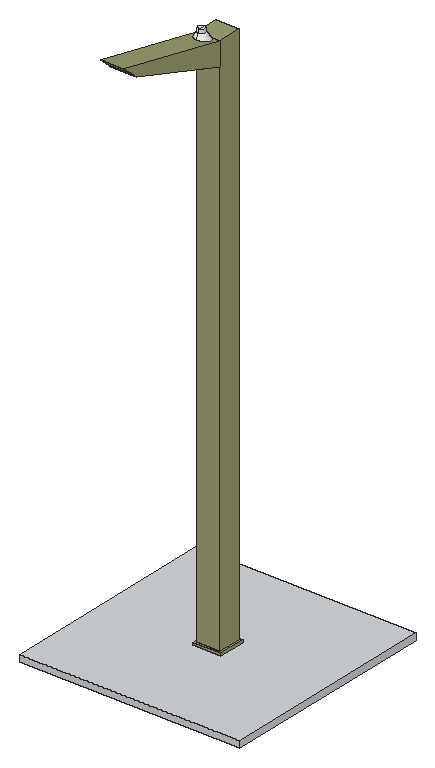
Revit family "KM5-Pole Mount", category Lighting Fixtures, host Face, Revit 2013
Parameters (values of type "KM51")
  Watts = 50 W
  Voltage = 120 V
  URL = "http://www.aal.net/"
  Product Page URL = "http://www.aal.net/products/kick_mini_medium"
  Product Documentation Link = "http://cdn.aal.net/content/products/specs/specs_files/aal_km5_spec.pdf"
  Power Factor = 1
  Photometrics Web = Web KM5 : KM5-T2-5040
  Model Type = "Single fixture"
  Model = "KicK™ Mini Medium"  # constant formula
  Manufacturer Phone = "626-968-5666"  # constant formula
  Manufacturer Fax = "626-369-2695"  # constant formula
  Manufacturer = "Architectural Area Lighting"  # constant formula
  Load Classification = Lighting
  Lamp-4 = no
  Lamp-3 = no
  Lamp-2 = no
  Lamp-1 = yes
  Lamp = "LED"
  Height [instance] = 120.000"
  Glass = Hubbell-Glass
  Finish = Hubbell-Titanium
  Description = "KM5 brings the performance and features of the full size KicK luminaires into a smaller form factor for architectural pole or building mount applications"  # constant formula
  Default Elevation = 48.000"
  Assembly Code = "D5020280"
  Apparent Load = Watts / Power Factor  # 50 VA
Types (4): name | Photometrics Web | Model Type | Lamp-4 | Lamp-3 | Lamp-2 | Lamp-1
  KM51 | Web KM5 : KM5-T2-5040 | "Single fixture" | no | no | no | yes
  KM52 | Web KM5 : KM5-T4-MO-7050 | "Two fixtures 180º apart" | yes | no | yes | no
  KM53 | Web KM5 : KM5-T4-MO-7050 | "Three fixtures 90º apart" | yes | no | yes | yes
  KM54 | Web KM5 : KM5-T4-MO-7050 | "Four fixtures 90º apart" | yes | yes | yes | yes
Reference planes (in)
  plane 1 "Center (Front/Back)": y = 0
  plane 2: z = 0
  plane 3 "Center (Left/Right)": x = 0
  plane 4: z = 0.5
  plane 5: y = 3
  plane 6: y = -3
  plane 7: x = -3
  plane 8: x = 3
  plane 9: x = 2.5
  plane 10: x = -2.5
  plane 11: y = 2.5
  plane 12: y = -2.5
  plane 13: z = 120
Forms (in)
  Extrusion 1, solid
    sketch origin (0, 0, 0) x (1, 0, 0) y (0, 1, 0)
      loop
        line (-24, 24) -> (-24, -24) -> (24, -24) -> (24, 24) -> (-24, 24)
    from 0 to -1.5
  Extrusion 2, solid, material "Hubbell-Titanium" <- "Finish"
    sketch origin (0, 0, 0) x (1, 0, 0) y (0, 1, 0)
      loop
        line (-3, 3) -> (-3, -3) -> (3, -3) -> (3, 3) -> (-3, 3)
    from 0 to 0.5
  Extrusion 3, solid, material "Hubbell-Titanium" <- "Finish"
    sketch origin (0, 0, 0) x (1, 0, 0) y (0, 1, 0)
      loop
        line (-2.5, 2.5) -> (-2.5, -2.5) -> (2.5, -2.5) -> (2.5, 2.5) -> (-2.5, 2.5)
    from 0 to 120
Cuts and joins
  joined: Extrusion 2, Extrusion 3
Dimensions and locks (in)
  locked: Extrusion 1 sketch curve to Extrusion 1 sketch curve at 48  (x2)
  equal spacing: Extrusion 1 sketch curve, plane 3 "Center (Left/Right)", Extrusion 1 sketch curve
  equal spacing: Extrusion 1 sketch curve, plane 1 "Center (Front/Back)", Extrusion 1 sketch curve
  plane 3 "Center (Left/Right)" to Extrusion 1 sketch curve = 24.000"
  plane 1 "Center (Front/Back)" to Extrusion 1 sketch curve = 24.000"
  locked: plane 4 to plane 2 at 0.5
  equal spacing: plane 7, plane 3 "Center (Left/Right)", plane 8
  plane 7 to plane 8 = 6.000"
  equal spacing: plane 5, plane 1 "Center (Front/Back)", plane 6
  plane 5 to plane 6 = 6.000"
  plane 5 to plane 11 = 0.500"
  equal spacing: plane 11, plane 1 "Center (Front/Back)", plane 12
  plane 11 to plane 12 = 5.000"
  equal spacing: plane 10, plane 3 "Center (Left/Right)", plane 9
  plane 7 to plane 10 = 0.500"
  "Height": plane 13 to plane 2
  plane 10 to plane 3 "Center (Left/Right)" = 2.500"
  aligned and locked: plane 2 to Extrusion 1
  aligned and locked: level to Extrusion 1
  aligned and locked: Extrusion 2 sketch curve to plane 5
  aligned and locked: plane 7 to Extrusion 2 sketch curve
  aligned and locked: plane 6 to Extrusion 2 sketch curve
  aligned and locked: Extrusion 2 sketch curve to plane 8
  aligned and locked: plane 4 to Extrusion 2
  aligned and locked: Extrusion 3 sketch curve to plane 11
  aligned and locked: plane 10 to Extrusion 3 sketch curve
  aligned and locked: plane 12 to Extrusion 3 sketch curve
  aligned and locked: Extrusion 3 sketch curve to plane 9
  aligned and locked: plane 13 to Extrusion 3
  aligned and locked: nested 3 to plane 1 "Center (Front/Back)"
  aligned and locked: plane 1 "Center (Front/Back)" to nested 2
  aligned and locked: plane 3 "Center (Left/Right)" to nested 1
  aligned and locked: nested 4 to plane 3 "Center (Left/Right)"
  aligned and locked: plane 13 to nested 3
  aligned and locked: plane 13 to nested 2
  aligned and locked: plane 13 to nested 1
  aligned and locked: plane 13 to nested 4
  aligned and locked: nested 3 to nested 8
  aligned and locked: nested 4 to nested 5
  aligned and locked: nested 2 to nested 6
  aligned and locked: nested 1 to nested 7
Nested families (in)
  nested 1: "Side Mounted" at (0, 2.5, 120) x (1, 0, 0) z (0, 1, 0), Glass <- "Glass", Finish <- "Finish", visible <- "Lamp-3", type "Side Mounted"
    with Glass Hubbell-Glass, Finish Hubbell-Titanium
  nested 2: "Side Mounted" at (2.5, 0, 120) x (0, -1, 0) z (1, 0, 0), Finish <- "Finish", Glass <- "Glass", visible <- "Lamp-2", type "Side Mounted"
    with Glass Hubbell-Glass, Finish Hubbell-Titanium
  nested 3: "Side Mounted" at (-2.5, 0, 120) x (0, 1, 0) z (-1, 0, 0), Finish <- "Finish", Glass <- "Glass", visible <- "Lamp-4", type "Side Mounted"
    with Glass Hubbell-Glass, Finish Hubbell-Titanium
  nested 4: "Side Mounted" at (0, -2.5, 120) x (-1, 0, 0) z (0, -1, 0), Finish <- "Finish", Glass <- "Glass", visible <- "Lamp-1", type "Side Mounted"
    with Glass Hubbell-Glass, Finish Hubbell-Titanium
  nested 5: "Web KM5" at (-0.03999, -15.48108, 119.61783) x (0, 0.9412, -0.3379) z (0, -0.3379, -0.9412), visible <- "Lamp-1", type <- "Photometrics Web", type "KM5-T2-5040"
  nested 6: "Web KM5" at (15.5676, -0.03999, 119.6489) x (-0.9412, 0, -0.3379) z (0.3379, 0, -0.9412), visible <- "Lamp-2", type <- "Photometrics Web", type "KM5-T2-5040"
  nested 7: "Web KM5" at (0.03999, 15.32018, 119.56006) x (0, -0.9412, -0.3379) z (0, 0.3379, -0.9412), visible <- "Lamp-3", type <- "Photometrics Web", type "KM5-T2-5040"
  nested 8: "Web KM5" at (-15.50804, 0.03999, 119.62752) x (0.9412, 0, -0.3379) z (-0.3379, 0, -0.9412), visible <- "Lamp-4", type <- "Photometrics Web", type "KM5-T2-5040"
Connectors (in)
  electrical at (0, 0, 0), driven by "Load Classification", driven by "Voltage", driven by "Apparent Load", driven by "Power Factor"
    settings: on cut or joined group of Extrusion 2, Extrusion 3, index 1, voltage 120 V, apparent load 50 VA, apparent load phase1 0 VA, apparent load phase2 0 VA, apparent load phase3 0 VA, power factor 1, load classification "Lighting", number of poles 1, system type 30, power factor state 1, is connector primary yes, connector utility no, sub classification motor no, connector description "Lighting Connector"
Definition of nested family "Side Mounted"
  Parameters (values of type "Side Mounted")
    URL = ""
    Sensor = Hubbell-White
    Product Page URL = ""
    Product Documentation Link = ""
    Model = ""
    Manufacturer Phone = ""
    Manufacturer Fax = ""
    Manufacturer = ""
    Glass [instance] = Hubbell-Glass
    Finish [instance] = none
    Description = ""
    Default Elevation = 48.000"
    Apparent Load = 0 VA
  Reference planes (in)
    plane 1 "Center (Front/Back)": y = 0
    plane 2: z = 0
    plane 3 "Center (Left/Right)": x = 0
    plane 4: x = -2.5
    plane 5: x = 2.5
    plane 6: x = -2.25
    plane 7: x = 2.25
    plane 8: y = 5.2
    plane 9: z = 26.3
    plane 10: y = -6.1
  Forms (in)
    Extrusion 1, solid
      sketch origin (0, 0, 0) x (1, 0, 0) y (0, 1, 0)
        loop
          line (-24, 24) -> (-24, -24) -> (24, -24) -> (24, 24) -> (-24, 24)
      from 0 to -1.5
    Extrusion 2, solid, material <- "Finish"
      sketch origin (0, 0, 0) x (0, 1, 0) y (0, 0, 1)
        loop
          line (0, 0) -> (5.21148, 0) -> (-2.92381, 22.6562)
          arc (-2.92381, 22.6562) -> (-3.30316, 23.35924) -> (-3.82625, 23.96302) r 3.65346
          line (-3.82625, 23.96302) -> (-6.1, 26.3) -> (0, 0)
      from -2.5 to 2.5
    Extrusion 3, void
      sketch origin (0, 0, 0) x (0, 1, 0) y (0, 0, 1)
        loop
          line (4.90851, 0.84375) -> (3.8328, 3.83952) -> (2.28992, 3.83952) -> (3.36562, 0.84375) -> (4.90851, 0.84375)
        loop
          line (-4.33879, 22.3) -> (2.18507, 4.1315) -> (3.72796, 4.1315) -> (-2.7959, 22.3) -> (-4.33879, 22.3)
      from -2.25 to 2.25
    Extrusion 4, solid, material "Hubbell-Glass" <- "Glass"
      sketch origin (0, 0, 0) x (0, 1, 0) y (0, 0, 1)
        loop
          line (-2.96403, 22.3) -> (-3.5597, 22.3) -> (2.69622, 4.1315) -> (3.55983, 4.1315) -> (-2.96403, 22.3)
      from -2.25 to 2.25
    Revolve 5, solid, material "Hubbell-White" <- "Sensor"
      sketch origin (0, 0, 0) x (0, 1, 0) y (0, 0, 1)
        loop
          line (-2.5, 1.1749) -> (-1.80768, 1.1749) -> (0, 0) -> (0, 1.9249) -> (-2.5, 1.9249) -> (-2.5, 1.1749)
        axis (-2.5, 1.9249) -> (0, 1.9249)
      angle from 0 to 360
    Revolve 6, solid, material "Hubbell-White" <- "Sensor"
      sketch origin (0, 0, 0.28125) x (0, 1, 0) y (0, 0, 1)
        loop
          line (3.28062, 2.1749) -> (3.28062, 2.85862) -> (2.31338, 3.21351) -> (2.31338, 2.1749) -> (3.28062, 2.1749)
        axis (2.31338, 2.1749) -> (3.28062, 2.1749)
      angle from 0 to 360
    Revolve 7, solid, material "Hubbell-Glass" <- "Glass"
      sketch origin (0, 0, 0.28125) x (0, 1, 0) y (0, 0, 1)
        loop
          line (3.28062, 2.8573) -> (3.28062, 2.1749) -> (3.51082, 2.1749)
          arc (3.51082, 2.1749) -> (3.43891, 2.53067) -> (3.28062, 2.8573) r 1.44518
        axis (3.28062, 2.1749) -> (3.51082, 2.1749)
      angle from 0 to 360
  Cuts and joins
    Extrusion 3 cuts Extrusion 2
  Dimensions and locks (in)
    locked: Extrusion 1 sketch curve to Extrusion 1 sketch curve at 48  (x2)
    equal spacing: Extrusion 1 sketch curve, plane 3 "Center (Left/Right)", Extrusion 1 sketch curve
    equal spacing: Extrusion 1 sketch curve, plane 1 "Center (Front/Back)", Extrusion 1 sketch curve
    plane 3 "Center (Left/Right)" to Extrusion 1 sketch curve = 24.000"
    plane 1 "Center (Front/Back)" to Extrusion 1 sketch curve = 24.000"
    equal spacing: plane 5, plane 3 "Center (Left/Right)", plane 4
    locked: plane 5 to plane 4 at 5
    equal spacing: plane 7, plane 3 "Center (Left/Right)", plane 6
    locked: plane 6 to plane 4 at 0.25
    plane 8 to plane 1 "Center (Front/Back)" = 5.200"
    plane 9 to plane 2 = 26.300"
    plane 1 "Center (Front/Back)" to plane 10 = 6.100"
    plane 5 to plane 7 = 0.250"
    aligned and locked: plane 2 to Extrusion 1
    aligned and locked: level to Extrusion 1
    aligned and locked: plane 1 "Center (Front/Back)" to Extrusion 2 sketch curve
    aligned and locked: plane 2 to Extrusion 2 sketch curve
    aligned and locked: Extrusion 2 to plane 4
    aligned and locked: Extrusion 2 to plane 5
    aligned and locked: Extrusion 4 to plane 6
    aligned and locked: plane 7 to Extrusion 4
    aligned and locked: Extrusion 3 to plane 6
    aligned and locked: plane 7 to Extrusion 3
  Automatic sketch dimensions
    Revolve 5 sketch curve to plane 1 "Center (Front/Back)" = 0.000"
    Revolve 5 sketch curve to level = 0.000"
    plane 1 "Center (Front/Back)" to Revolve 5 sketch curve = 1.80768"
    Revolve 5 sketch curve to Revolve 5 sketch curve = 0.69232"
    Revolve 5 sketch curve to Revolve 5 sketch curve = 0.000"  (x2)
    Revolve 5 sketch curve to Revolve 5 sketch curve = 1.750"
    level to Revolve 5 sketch curve = 1.1749"
    Revolve 5 sketch curve to Revolve 5 sketch curve = 1.9249"
    Revolve 6 sketch curve to plane 1 "Center (Front/Back)" = 2.31338"
    level to Revolve 6 sketch curve = 2.45615"  (x2)
    Revolve 6 sketch curve to Revolve 6 sketch curve = 0.96724"
    plane 1 "Center (Front/Back)" to Revolve 6 sketch curve = 2.500"
    Revolve 6 sketch curve to plane 8 = 1.400"
    Revolve 6 sketch curve to Revolve 6 sketch curve = 0.68373"
    Revolve 6 sketch curve to Revolve 6 sketch curve = 0.35489"
    plane 10 to Extrusion 2 sketch curve = 2.27375"
    Extrusion 2 sketch curve to plane 9 = 3.6438"
    Extrusion 2 sketch curve to plane 9 = 0.000"
    plane 10 to Extrusion 2 sketch curve = 0.000"
    Extrusion 2 sketch curve to Extrusion 2 sketch curve = 0.90245"
    Extrusion 2 sketch curve to plane 8 = 0.01148"
    Extrusion 2 sketch curve to plane 10 = 0.20946"
    Extrusion 2 sketch curve to Extrusion 2 sketch curve = 1.30682"
    plane 1 "Center (Front/Back)" to Extrusion 4 sketch curve = 2.96403"
    plane 8 to Extrusion 4 sketch curve = 1.64017"
    level to Extrusion 4 sketch curve = 4.1315"
    Extrusion 4 sketch curve to Extrusion 4 sketch curve = 0.59567"
    Extrusion 4 sketch curve to Extrusion 4 sketch curve = 0.86362"
    Extrusion 4 sketch curve to plane 9 = 4.000"
    plane 1 "Center (Front/Back)" to Extrusion 3 sketch curve = 2.7959"
    plane 8 to Extrusion 3 sketch curve = 0.29149"
    level to Extrusion 3 sketch curve = 0.84375"
    Extrusion 3 sketch curve to plane 1 "Center (Front/Back)" = 2.28992"
    Extrusion 3 sketch curve to Extrusion 3 sketch curve = 1.54289"
    plane 8 to Extrusion 3 sketch curve = 1.47204"
    Extrusion 3 sketch curve to Extrusion 3 sketch curve = 0.10484"  (x2)
    plane 10 to Extrusion 3 sketch curve = 1.76121"
    Extrusion 3 sketch curve to Extrusion 3 sketch curve = 2.99577"
    Extrusion 3 sketch curve to Extrusion 3 sketch curve = 0.29198"
    Extrusion 3 sketch curve to plane 9 = 4.000"
    plane 8 to Revolve 7 sketch curve = 1.91938"
    level to Revolve 7 sketch curve = 2.45615"  (x2)
    Revolve 7 sketch curve to Revolve 7 sketch curve = 0.43418"
    Revolve 7 sketch curve to Revolve 7 sketch curve = 0.23019"
    Revolve 7 sketch curve to plane 8 = 1.30372"
    Revolve 7 sketch curve to Revolve 7 sketch curve = 1.21108"
    Revolve 7 sketch curve to Revolve 7 sketch curve = 0.10615"
Definition of nested family "Web KM5"
  Parameters (values of type "KM5-T2-5050")
    Watts = 50 W
    Wattage Comments = ""
    Wattage = 50 W
    built-in parameter 1150110 = 1 (stored number, unit not read)
    URL = ""
    built-in parameter 1114217 = 1 (stored number, unit not read)
    Tilt Angle = -90.00°
    built-in parameter 1150109 = 1 (stored number, unit not read)
    built-in parameter 1150134 = 2
    built-in parameter 1150113 = 1 (stored number, unit not read)
    Product Page URL = ""
    Product Documentation Link = ""
    Photometric Web Notes = "More files Download Photometric Web Link"  # constant formula
    Photometric Web Link = "http://www.aal.net/products/kick_mini_medium"
    Photometric Web File = "KM5-T2-5050.IES"
    Model = ""
    Manufacturer Phone = ""
    Manufacturer Fax = ""
    Manufacturer = ""  # constant formula
    built-in parameter 1150105 = 445.63 (stored number, unit not read)
    Lumens = 5600 lm
    built-in parameter 1150115 = 1 (stored number, unit not read)
    built-in parameter 1150137 = (empty or 0)
    built-in parameter 1150139 = (empty or 0)
    built-in parameter 1150112 = 1 (stored number, unit not read)
    built-in parameter 1150114 = 1 (stored number, unit not read)
    Lamp = "LED"
    built-in parameter 1150132 = (empty or 0)
    built-in parameter 1150102 = (empty or 0)
    built-in parameter 1150107 = 5000 (stored number, unit not read)
    built-in parameter 1150138 = (empty or 0)
    built-in parameter 1150106 = 4.4563 (stored number, unit not read)
    Emit from Rectangle Width = 4.500"  # constant formula
    Emit from Rectangle Length = 19.000"  # constant formula
    Emit Shape Visible in Rendering = no
    built-in parameter 1150104 = 10.405 (stored number, unit not read)
    Dimming Lamp Color Temperature Shift = (empty or 0)
    Description = ""
    Default Elevation = 48.000"
    Color Filter = 16777215
    built-in parameter 1114218 = 1 (stored number, unit not read)
    built-in parameter 1150133 = 10 (stored number, unit not read)
    Apparent Load = 0 VA
  Types (6): name | Watts | Wattage | built-in parameter 1150134 | Photometric Web File | built-in parameter 1150105 | Lumens | built-in parameter 1150107 | built-in parameter 1150106 | built-in parameter 1150104
    KM5-T2-5050 | 50 W | 50 W | 2 | "KM5-T2-5050.IES" | 445.63 (stored number, unit not read) | 5600 lm | 5000 (stored number, unit not read) | 4.4563 (stored number, unit not read) | 10.405 (stored number, unit not read)
    KM5-T3-5040 | 50 W | 50 W | 12 | "KM5-T3-5040.ies" | 465.53 (stored number, unit not read) | 5850 lm | 4000 (stored number, unit not read) | 4.6553 (stored number, unit not read) | 10.87 (stored number, unit not read)
    KM5-T4-7040 | 70 W | 70 W | 12 | "KM5-T4-7040.ies" | 629.46 (stored number, unit not read) | 7910 lm | 4000 (stored number, unit not read) | 6.2946 (stored number, unit not read) | 10.498 (stored number, unit not read)
    KM5-T4-MO-7050 | 70 W | 70 W | 2 | "KM5-T4-MO-7050.IES" | 629.46 (stored number, unit not read) | 7910 lm | 5000 (stored number, unit not read) | 6.2946 (stored number, unit not read) | 10.498 (stored number, unit not read)
    KM5-T2-5040 | 50 W | 50 W | 12 | "KM5-T2-5040.ies" | 1605.5 (stored number, unit not read) | 5650 lm | 4000 (stored number, unit not read) | 16.055 (stored number, unit not read) | 10.498 (stored number, unit not read)
    KM5-T3-MO-5040 | 50 W | 50 W | 12 | "KM5-T3-MO-5040.ies" | 465.53 (stored number, unit not read) | 5850 lm | 4000 (stored number, unit not read) | 4.6553 (stored number, unit not read) | 10.87 (stored number, unit not read)
  Reference planes (in)
    plane 1 "Center (Front/Back)": y = 0.03999
    plane 2: z = 0
    plane 3 "Center (Left/Right)": x = -0.23896
  Forms (in)
    Extrusion 1, solid
      sketch origin (0, 0, 0.06357) x (1, 0, 0) y (0, 1, 0)
        loop
          line (-48, 48) -> (-48, -48) -> (48, -48) -> (48, 48) -> (-48, 48)
      from -0.06357 to -13.79058
  Lines and regions (in)
    reference lines
      curve 1: line (-0.23896, 0.03999, 18.11448) -> (-0.23896, 0.03999, -22.88552)
      curve 2: line (-0.23896, 0.03999, 34) -> (-0.23896, 0.03999, -22.88552)
  Dimensions and locks (in)
    aligned and locked: plane 2 to Extrusion 1
    aligned and locked: level to Extrusion 1
    aligned and locked: Extrusion 1 to imposter light
    aligned and locked: plane 3 "Center (Left/Right)" to imposter light
    aligned and locked: imposter light to plane 1 "Center (Front/Back)"
    aligned and locked: curve 1 to plane 3 "Center (Left/Right)"
    aligned and locked: plane 1 "Center (Front/Back)" to curve 2
